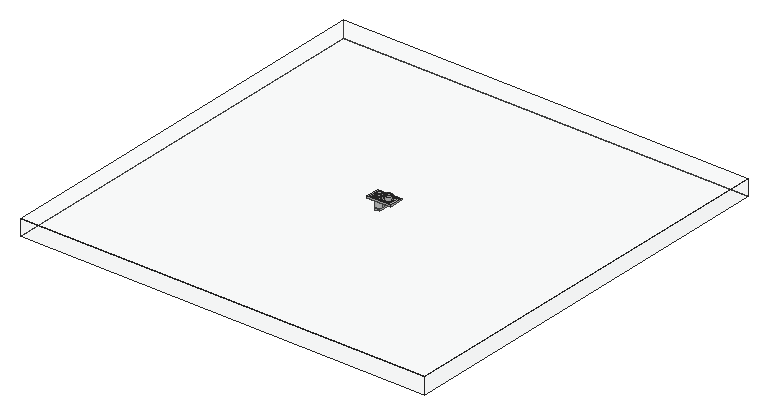
Revit family
Parameters (values of type "75")
  Weight Lbs = 3.1
  Waste Connection = no
  Wall Flange Width = 0' - 3 1/4"
  Wall Flange Length = 0' - 5 1/2"
  Vent Connection = no
  URL = "http://www.woodfordmfg.com/woodford/Wall_Hydrant_Pages/model-75.html"
  Single Check Vacuum Breaker = "ASSE 1011"
  Polished Brass (PB) (Optional) = ""
  Outlet = "3/4\" Male Hose Thread"
  Model = "75"
  Max Temperature = "120º -F"
  Max Pressure = 125.00 psi
  Manufacturer = "Woodfrod Manufacturing Company"
  Inlet Angle [instance] = 90.00°
  Inlet - Rotates 360º = "3/4\" Female Pipe Thread"
  HW Connection = yes
  GPM = "14.2 @ 100 psi"
  Faucet Depth in Wall = 0' - 2 5/8"
  Default Elevation = 4' - 0"
  Chrome (Standard) = ""
  Catalog Sheet = "http://www.woodfordmfg.com/woodford/Wall_Hyd_PDF/75CATALOG.pdf"
  CW Connection = yes
  Brass (BR) (Optional) = ""
  Assembly Code = ""
  All Brass Castings = ""
Reference planes (in)
  plane 1 "Center (Front/Back)": y = 0
  plane 2: z = 0
  plane 3 "Center (Left/Right)": x = 0
  plane 4 "Hydrant": z = 0
  plane 5: x = -2.75
  plane 6: x = 2.75
  plane 7: y = 1.625
  plane 8: y = -1.625
  plane 9 "Top": z = 0.25
  plane 10: x = -2.375
  plane 11: x = 2.375
  plane 12: y = -1.25
  plane 13: y = 1.25
  plane 14 "Bottom Plate": z = -0.25
  plane 15: x = 1.875
  plane 16: x = -1.875
  plane 17: y = 0.5
  plane 18: y = -0.5
  plane 19: x = -1.1875
  plane 20 "Transition": z = -1.875
  plane 21 "Pipe Connection": x = 1.5
  plane 22 "Top Nut": z = 0.5
  plane 23 "Bottom": z = 0.625
  plane 24: z = 0.70042
  plane 25: x = 1.125
  plane 26 "Top Connection": z = 0.96875
Forms (in)
  Extrusion 1, solid, material "Glass"
    sketch origin (0, 0, 0) x (1, 0, 0) y (0, 1, 0)
      loop
        line (-48, 48) -> (-48, -48) -> (48, -48) -> (48, 48) -> (-48, 48)
    from 0 to -3.94425
  Extrusion 2, solid, material "Chrome", detail levels fine
    sketch origin (0, 0, 0) x (-1, 0, 0) y (0, -1, 0)
      loop
        line (2.75, 1.625) -> (-2.75, 1.625) -> (-2.75, -1.625) -> (2.75, -1.625) -> (2.75, 1.625)
      loop
        line (2.375, -1.25) -> (2.375, 1.25) -> (-2.375, 1.25) -> (-2.375, -1.25) -> (2.375, -1.25)
    from 0 to 0.25
  Extrusion 3, solid, material "Chrome", detail levels fine
    sketch origin (0, 0, 0) x (-1, 0, 0) y (0, -1, 0)
      loop
        line (2.375, 1.25) -> (-2.375, 1.25) -> (-2.375, -1.25) -> (2.375, -1.25) -> (2.375, 1.25)
    from 0 to -0.25
  Extrusion 4, solid, material "Chrome", detail levels fine
    sketch origin (0, 0, -0.25) x (-1, 0, 0) y (0, -1, 0)
      loop
        line (1.875, -0.5) -> (1.875, 0.5) -> (-1.875, 0.5) -> (-1.875, -0.5) -> (1.875, -0.5)
    from 0 to -0.5
  Extrusion 5, solid, material "Chrome", detail levels fine
    sketch origin (0, 0, -0.25) x (-1, 0, 0) y (0, -1, 0)
      loop
        circle (1.1875, 0) r 0.875
    from 0 to -1.625
  Extrusion 6, solid, material "Chrome", detail levels fine
    sketch origin (-1.1875, 0, -1.875) x (0, 1, 0) y (0, 0, 1)
      loop
        line (-0.6875, 0) -> (-0.6875, -0.5) -> (-0.6875, -0.75) -> (2.6875, -0.75) -> (2.6875, 0.75) -> (2.0625, 0.75) -> (1.48515, -0.25) -> (0.6886, -0.25) -> (0.6886, 0) -> (-0.6875, 0)
    from 0.57735 to -0.57735
  Extrusion 7, solid, material "Chrome", detail levels fine
    sketch origin (0, 0, 0) x (-1, 0, 0) y (0, -1, 0)
      loop
        circle (1.1875, 0) r 0.875
    from 0 to 0.25
  Extrusion 8, solid, material "Chrome", detail levels fine
    sketch origin (0, 0, -0.25) x (-1, 0, 0) y (0, -1, 0)
      loop
        line (0.42973, -0.4375) -> (1.1875, -0.875) -> (1.94527, -0.4375) -> (1.94527, 0.4375) -> (1.1875, 0.875) -> (0.42973, 0.4375) -> (0.42973, -0.4375)
    from 0 to 0.75
  Extrusion 9, solid, material "Chrome", detail levels fine
    sketch origin (-14.225, -180, 0.5) x (-1, 0, 0) y (0, -1, 0)
      loop
        line (-13.0375, -180.66667) -> (-12.46015, -180.33333) -> (-12.46015, -179.66667) -> (-13.0375, -179.33333) -> (-13.61485, -179.66667) -> (-13.61485, -180.33333) -> (-13.0375, -180.66667)
    from 0 to 0.20042
  Extrusion 10, solid, material "Chrome", detail levels fine
    sketch origin (-14.89889, -180, 0.70042) x (-1, 0, 0) y (0, -1, 0)
      loop
        circle (-13.71139, -180) r 0.5
    from 0 to 0.125
  Extrusion 11, solid, material "Chrome", detail levels fine
    sketch origin (0, 0, 0) x (-1, 0, 0) y (0, -1, 0)
      loop
        circle (-1.125, 0) r 0.625
    from 0 to 0.25
  Extrusion 12, solid, material "Chrome", detail levels fine
    sketch origin (0, 0, 0.25) x (-1, 0, 0) y (0, -1, 0)
      loop
        circle (-1.125, 0) r 0.75
    from 0 to 0.71875
  Extrusion 13, solid, material "Chrome", detail levels fine
    sketch origin (-1.69158, 0, 0.96875) x (-1, 0, 0) y (0, -1, 0)
      loop
        circle (-2.81658, 0) r 0.5625
      loop
        circle (-2.81658, 0) r 0.4375
    from 0 to 0.25
  Sweep 14, void
    path origin (0, 0, -1.875) x (-1, 0, 0) y (0, -1, 0)
      loop
        line (1.1875, -2.6875) -> (1.1875, -2.1875)
    profile origin (-1.1875, 2.4375, -1.875) x (1, 0, 0) y (0, 0, 1)
      loop
        circle (0, 0) r 0.375
Cuts and joins
  Sweep 14 cuts Extrusion 6
Lines and regions (in)
  model lines, detail levels coarse+medium
    curve 1: line (0, 0, 0) -> (0, 0, 9)
    curve 2: line (-2.68045, 0, 7) -> (0, 0, 7)
    curve 3: line (2.68045, 0, 7) -> (0, 0, 7)
  reference lines
    curve 4: line (-1.1875, 0, -1.875) -> (-1.1875, 17, -1.875)
Dimensions and locks (in)
  level to plane 4 "Hydrant" = 0' - 0"
  equal spacing: plane 5, plane 3 "Center (Left/Right)", plane 6
  equal spacing: plane 7, plane 1 "Center (Front/Back)", plane 8
  "Wall Flange Width": plane 7 to plane 8
  "Wall Flange Length": plane 5 to plane 6
  locked: plane 5 to plane 10 at 0.375
  locked: plane 11 to plane 6 at 0.375
  locked: plane 7 to plane 13 at 0.375
  locked: plane 12 to plane 8 at 0.375
  locked: plane 4 "Hydrant" to plane 14 "Bottom Plate" at 0.25
  plane 15 to plane 11 = 0' - 0 1/2"
  plane 10 to plane 16 = 0' - 0 1/2"
  plane 13 to plane 17 = 0' - 0 3/4"
  plane 18 to plane 12 = 0' - 0 3/4"
  plane 17 to plane 18 = 0' - 1"
  equal spacing: plane 10, plane 19, plane 3 "Center (Left/Right)"
  plane 19 to plane 25 = 0' - 2 5/16"
  locked: Sweep 14 sketch curve to Sweep 14 sketch curve at 0.5
  locked: Sweep 14 sketch curve to curve 4 at 2.1875
  "Inlet Angle": angle plane 1 "Center (Front/Back)" to curve 4
  aligned and locked: plane 2 to Extrusion 1
  aligned and locked: level to Extrusion 1
  aligned and locked: plane 5 to Extrusion 2
  aligned and locked: plane 6 to Extrusion 2
  aligned and locked: plane 7 to Extrusion 2
  aligned and locked: plane 8 to Extrusion 2
  aligned and locked: plane 9 "Top" to Extrusion 2
  aligned and locked: Extrusion 3 sketch curve to plane 10
  aligned and locked: plane 11 to Extrusion 3 sketch curve
  aligned and locked: plane 13 to Extrusion 3 sketch curve
  aligned and locked: Extrusion 3 sketch curve to plane 12
  aligned and locked: plane 14 "Bottom Plate" to Extrusion 3
  aligned and locked: plane 15 to Extrusion 4
  aligned and locked: plane 16 to Extrusion 4
  aligned and locked: plane 17 to Extrusion 4
  aligned and locked: plane 18 to Extrusion 4
  aligned: plane 21 "Pipe Connection" to Extrusion 6
  aligned and locked: plane 22 "Top Nut" to Extrusion 8
  aligned and locked: plane 24 to Extrusion 9
  aligned and locked: plane 9 "Top" to Extrusion 11
  aligned and locked: plane 26 "Top Connection" to Extrusion 12
  aligned and locked: Extrusion 5 to plane 20 "Transition"
  aligned and locked: curve 4 to Sweep 14 sketch curve
  aligned and locked: plane 1 "Center (Front/Back)" to curve 4
  aligned and locked: plane 19 to curve 4
Automatic sketch dimensions
  Extrusion 1 sketch curve to Extrusion 1 sketch curve = 8' - 0"  (x2)
  Extrusion 2 sketch curve to plane 6 = 0' - 0"
  Extrusion 2 sketch curve to plane 11 = 0' - 0"
  Extrusion 2 sketch curve to plane 10 = 0' - 0"
  Extrusion 2 sketch curve to plane 5 = 0' - 0"
  Extrusion 2 sketch curve to plane 7 = 0' - 0"
  Extrusion 2 sketch curve to plane 13 = 0' - 0"
  Extrusion 2 sketch curve to plane 12 = 0' - 0"
  Extrusion 2 sketch curve to plane 8 = 0' - 0"
  Extrusion 4 sketch curve to plane 15 = 0' - 0"
  Extrusion 4 sketch curve to plane 16 = 0' - 0"
  Extrusion 4 sketch curve to plane 17 = 0' - 0"
  Extrusion 4 sketch curve to plane 18 = 0' - 0"
  plane 1 "Center (Front/Back)" to Extrusion 5 sketch curve = 0' - 0"
  Extrusion 5 sketch curve to plane 19 = 0' - 0"
  plane 1 "Center (Front/Back)" to Extrusion 7 sketch curve = 0' - 0"
  Extrusion 7 sketch curve to plane 19 = 0' - 0"
  Extrusion 8 sketch curve to plane 19 = 0' - 0"  (x2)
  Extrusion 8 sketch curve to plane 17 = 0' - 0 1/16"  (x2)
  Extrusion 8 sketch curve to plane 3 "Center (Left/Right)" = 0' - 0.42973"
  Extrusion 8 sketch curve to plane 16 = 0' - 0.07027"
  Extrusion 8 sketch curve to plane 13 = 0' - 0 3/8"
  plane 18 to Extrusion 8 sketch curve = 0' - 0 1/16"  (x2)
  plane 12 to Extrusion 8 sketch curve = 0' - 0 3/8"
  plane 1 "Center (Front/Back)" to Extrusion 10 sketch curve = 0' - 0"
  Extrusion 10 sketch curve to plane 19 = 0' - 0"
  plane 1 "Center (Front/Back)" to Extrusion 11 sketch curve = 0' - 0"
  Extrusion 11 sketch curve to plane 25 = 0' - 0"
  plane 1 "Center (Front/Back)" to Extrusion 12 sketch curve = 0' - 0"
  Extrusion 12 sketch curve to plane 25 = 0' - 0"
  plane 1 "Center (Front/Back)" to Extrusion 13 sketch curve = 0' - 0"
  Extrusion 13 sketch curve to plane 6 = 0' - 1 5/8"
  Extrusion 13 sketch curve to Extrusion 13 sketch curve = 0' - 0"  (x2)
  curve 3 to plane 3 "Center (Left/Right)" = 0' - 0"
  plane 5 to curve 2 = 0' - 0.06955"
  curve 3 to plane 6 = 0' - 0.06955"
  plane 26 "Top Connection" to curve 2 = 0' - 6 1/32"
  curve 3 to curve 2 = 0' - 0"
  curve 3 to curve 1 = 0' - 2"
  curve 1 to level = 0' - 0"
  Extrusion 9 sketch curve to plane 19 = 0' - 0"  (x2)
  plane 18 to Extrusion 9 sketch curve = 0' - 0.16667"  (x2)
  plane 19 to Extrusion 9 sketch curve = 0' - 0.57735"
  plane 16 to Extrusion 9 sketch curve = 0' - 0.11015"
  Extrusion 9 sketch curve to plane 17 = 0' - 0.16667"  (x2)
  plane 17 to Extrusion 9 sketch curve = 0' - 0.16667"
  Extrusion 9 sketch curve to plane 18 = 0' - 0.16667"
  Extrusion 6 sketch curve to curve 4 = 0' - 0"
  Extrusion 6 sketch curve to curve 4 = 0' - 0 11/16"
  curve 4 to Extrusion 6 sketch curve = 0' - 0.6886"
  curve 4 to Extrusion 6 sketch curve = 0' - 0 1/4"
  Extrusion 6 sketch curve to Extrusion 6 sketch curve = 0' - 0.79655"
  Extrusion 6 sketch curve to curve 4 = 0' - 0 3/4"
  Extrusion 6 sketch curve to Extrusion 6 sketch curve = 0' - 0.57735"
  Extrusion 6 sketch curve to Extrusion 6 sketch curve = 0' - 1.20235"
  curve 4 to Extrusion 6 sketch curve = 0' - 0 1/2"
  curve 4 to Extrusion 6 sketch curve = 0' - 0 3/4"
  Sweep 14 sketch curve to plane 20 "Transition" = 0' - 0"
  Sweep 14 sketch curve to profile plane = 0' - 0"
  radius of Extrusion 5 sketch curve = 0' - 0 7/8"
  radius of Extrusion 7 sketch curve = 0' - 0 7/8"
  radius of Extrusion 10 sketch curve = 0' - 0 1/2"
  radius of Extrusion 11 sketch curve = 0' - 0 5/8"
  radius of Extrusion 12 sketch curve = 0' - 0 3/4"
  radius of Extrusion 13 sketch curve = 0' - 0 9/16"
  radius of Extrusion 13 sketch curve = 0' - 0 7/16"
  radius of Sweep 14 sketch curve = 0' - 0 3/8"
Connectors (in)
  piping at (-1.1875, 2.1875, -1.875)
    settings: on cut or joined group of Extrusion 6, Sweep 14, index 1, connector radius 3/8", flow factor 0, pipe flow 0 GPM, pressure drop 0.00 psi, fitting loss kfactor 0, connector angle 0.00°, fixture units 0, flow configuration 1, flow direction 1, fitting loss method 0, system type 20, connector reference index -1, connector utility 0, adjustable connector no, is connector primary yes, fitting loss table "", connector description ""
